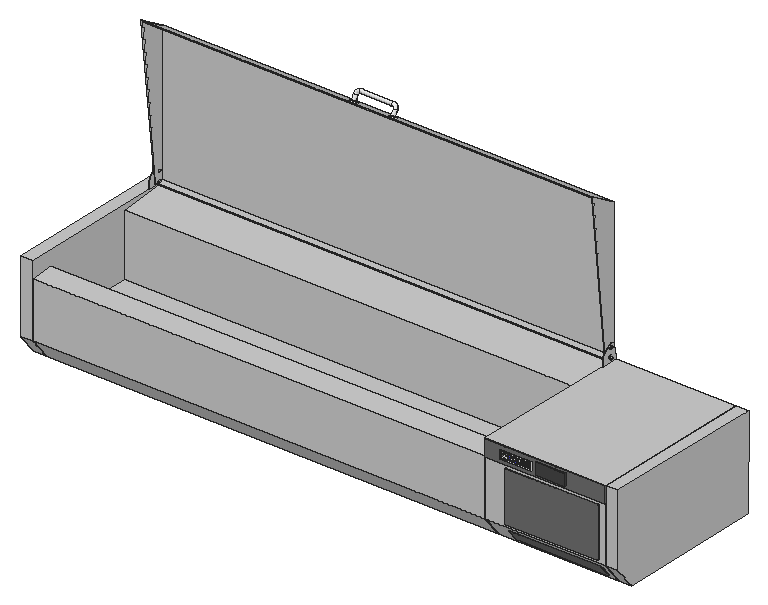
Revit family "Qf_Afinox_VRS1450K", category Specialty Equipment, Revit 2014
Parameters
  Show Logo [instance] = yes
  Show Clearance [instance] = yes
Reference planes
  plane 1 "Back": y = 0
  plane 2: z = 0
  plane 3 "Left": x = 0
  plane 4 "Right": x = 1450
  plane 5 "Front": y = -395
  plane 6 "Top": z = 225
Forms (mm)
  Extrusion 1, solid
    sketch origin (350, 0, 0) x (0, 1, 0) y (0, 0, 1)
      loop
        line (0, 225) -> (-118.091, 213.424) -> (-118.091, 63.424) -> (-342.706, 63.424) -> (-342.706, 191.405) -> (-395, 186.278) -> (-395, 50) -> (-354.511, 0) -> (0, 0) -> (0, 225)
    from -320 to 778
  Extrusion 2, solid
    sketch origin (0, 0, 0) x (0, 1, 0) y (0, 0, 1)
      loop
        line (0, 225) -> (-395, 225) -> (-395, 50) -> (-354.511, 0) -> (0, 0) -> (0, 225)
    from 0 to 30
  Extrusion 3, solid
    sketch origin (1420, 0, 0) x (0, 1, 0) y (0, 0, 1)
      loop
        line (0, 225) -> (-395, 225) -> (-395, 50) -> (-354.511, 0) -> (0, 0) -> (0, 225)
    from 0 to 30
  Extrusion 4, solid
    sketch origin (1390, 0, 0) x (0, 1, 0) y (0, 0, 1)
      loop
        line (0, 225) -> (-395, 225) -> (-395, 50) -> (-354.511, 0) -> (0, 0) -> (0, 225)
    from -262 to 30
  Extrusion 5, solid
    sketch origin (350, -394, -0.038) x (1, 0, 0) y (0, 0, 1)
      loop
        arc (829.65, 178.011) -> (827.352, 177.059) -> (826.4, 174.761) r 3.25
        line (826.4, 174.761) -> (826.4, 59.261)
        arc (826.4, 59.261) -> (827.352, 56.963) -> (829.65, 56.011) r 3.25
        line (829.65, 56.011) -> (1050.15, 56.011)
        arc (1050.15, 56.011) -> (1052.448, 56.963) -> (1053.4, 59.261) r 3.25
        line (1053.4, 59.261) -> (1053.4, 174.761)
        arc (1053.4, 174.761) -> (1052.448, 177.059) -> (1050.15, 178.011) r 3.25
        line (1050.15, 178.011) -> (829.65, 178.011)
    from 0 to 2
  Extrusion 6, solid
    sketch origin (350, -273.564, -98.372) x (1, 0, 0) y (0, -0.62932, 0.777146)
      loop
        arc (829.65, 178.011) -> (827.352, 177.059) -> (826.4, 174.761) r 3.25
        line (826.4, 174.761) -> (826.4, 141.843)
        arc (826.4, 141.843) -> (827.352, 139.544) -> (829.65, 138.593) r 3.25
        line (829.65, 138.593) -> (1050.15, 138.593)
        arc (1050.15, 138.593) -> (1052.448, 139.544) -> (1053.4, 141.843) r 3.25
        line (1053.4, 141.843) -> (1053.4, 174.761)
        arc (1053.4, 174.761) -> (1052.448, 177.059) -> (1050.15, 178.011) r 3.25
        line (1050.15, 178.011) -> (829.65, 178.011)
    from 0 to 2
  Extrusion 7, solid
    sketch origin (342.335, -397, -1.215) x (1, 0, 0) y (0, 0, 1)
      loop
        line (912.065, 221.354) -> (912.065, 192.354) -> (983.065, 192.354) -> (983.065, 221.354) -> (912.065, 221.354)
    from 0 to 3
  Extrusion 8, solid, visible <- "Show Logo"
    sketch origin (987.556, -397, -384.108) x (1, 0, 0) y (0, 0, 1)
      loop
        line (179.287, 599.596) -> (179.287, 579.899) -> (254.287, 579.899) -> (254.287, 599.596) -> (179.287, 599.596)
      loop
        line (199.226, 597.323) -> (199.226, 582.172) -> (253.014, 582.172) -> (253.014, 597.323) -> (199.226, 597.323)
      loop
        line (180.287, 597.323) -> (180.287, 582.172) -> (198.848, 582.172) -> (198.848, 597.323) -> (180.287, 597.323)
    from 0 to 2
  Extrusion 9, solid, visible <- "Show Logo"
    sketch origin (194.53, -397, -622.718) x (1, 0, 0) y (0, 0, 1)
      loop
        arc (994.034, 825.04) -> (994.842, 823.416) -> (996.479, 824.198) r 1.293
        line (996.479, 824.198) -> (996.958, 825.22) -> (1000.192, 825.22) -> (1000.6, 824.198)
        arc (1000.6, 824.198) -> (1002.252, 823.366) -> (1003.039, 825.04) r 1.291
        line (1003.039, 825.04) -> (999.801, 832.415)
        arc (999.801, 832.415) -> (998.57, 833.402) -> (997.337, 832.418) r 1.263
        line (997.337, 832.418) -> (994.034, 825.04)
      loop
        line (999.576, 827.427) -> (998.603, 829.738) -> (997.631, 827.445) -> (999.576, 827.427)
      loop
        line (1004.344, 832.421) -> (1004.344, 824.556)
        arc (1004.344, 824.556) -> (1005.631, 823.448) -> (1006.918, 824.556) r 1.302
        line (1006.918, 824.556) -> (1006.918, 827.178) -> (1010.126, 827.178)
        arc (1010.126, 827.178) -> (1011.3, 828.493) -> (1010.126, 829.808) r 1.323
        line (1010.126, 829.808) -> (1006.918, 829.808) -> (1006.918, 830.954) -> (1010.126, 830.954)
        arc (1010.126, 830.954) -> (1011.264, 832.233) -> (1010.126, 833.511) r 1.287
        line (1010.126, 833.511) -> (1005.326, 833.511)
        arc (1005.326, 833.511) -> (1004.652, 833.13) -> (1004.344, 832.421) r 1.22
      loop
        line (1012.593, 832.457) -> (1012.593, 824.488)
        arc (1012.593, 824.488) -> (1013.928, 823.343) -> (1015.262, 824.488) r 1.35
        line (1015.262, 824.488) -> (1015.262, 832.457)
        arc (1015.262, 832.457) -> (1013.928, 833.516) -> (1012.593, 832.457) r 1.37
      loop
        arc (1019.372, 832.457) -> (1018.038, 833.516) -> (1016.703, 832.457) r 1.37
        line (1016.703, 832.457) -> (1016.703, 824.488)
        arc (1016.703, 824.488) -> (1018.038, 823.343) -> (1019.372, 824.488) r 1.35
        line (1019.372, 824.488) -> (1019.372, 828.473) -> (1022.448, 824.488)
        arc (1022.448, 824.488) -> (1023.783, 823.343) -> (1025.118, 824.488) r 1.35
        line (1025.118, 824.488) -> (1025.118, 832.457)
        arc (1025.118, 832.457) -> (1023.783, 833.516) -> (1022.448, 832.457) r 1.37
        line (1022.448, 832.457) -> (1022.448, 828.473) -> (1019.372, 832.457)
      loop
        circle (1031.159, 828.429) r 5.095
      loop
        circle (1031.159, 828.429) r 2.733
      loop
        line (1036.425, 831.5) -> (1038.763, 828.375) -> (1036.365, 825.267)
        arc (1036.365, 825.267) -> (1036.712, 823.621) -> (1038.393, 823.703) r 1.296
        line (1038.393, 823.703) -> (1040.42, 826.313) -> (1042.28, 823.703)
        arc (1042.28, 823.703) -> (1043.993, 823.58) -> (1044.434, 825.238) r 1.346
        line (1044.434, 825.238) -> (1042.048, 828.408) -> (1044.37, 831.408)
        arc (1044.37, 831.408) -> (1044.07, 833.196) -> (1042.269, 832.987) r 1.316
        line (1042.269, 832.987) -> (1040.366, 830.453) -> (1038.502, 833.054)
        arc (1038.502, 833.054) -> (1036.78, 833.19) -> (1036.425, 831.5) r 1.308
      loop
        line (1046.04, 835.933) -> (992.253, 835.933) -> (992.253, 820.782) -> (1046.04, 820.782) -> (1046.04, 835.933)
    from 0 to 2
  Extrusion 10, solid, visible <- "Show Logo"
    sketch origin (187.402, -397, -442.664) x (1, 0, 0) y (0, 0, 1)
      loop
        line (980.441, 655.879) -> (980.441, 640.728) -> (999.001, 640.728) -> (999.001, 655.879) -> (980.441, 655.879)
      loop
        arc (982.146, 642.435) -> (982.404, 641.667) -> (983.211, 641.586) r 0.747
        line (983.211, 641.586) -> (989.781, 644.576) -> (996.334, 641.6)
        arc (996.334, 641.6) -> (997.088, 641.702) -> (997.296, 642.435) r 0.695
        line (997.296, 642.435) -> (990.231, 654.688)
        arc (990.231, 654.688) -> (989.721, 654.992) -> (989.211, 654.688) r 0.58
        line (989.211, 654.688) -> (982.146, 642.435)
    from 0 to 2
  Extrusion 11, solid, visible <- "Show Logo"
    sketch origin (153.114, -397, -392.26) x (1, 0, 0) y (0, 0, 1)
      loop
        arc (1016.435, 592.031) -> (1016.693, 591.262) -> (1017.5, 591.182) r 0.747
        line (1017.5, 591.182) -> (1024.07, 594.172) -> (1030.623, 591.195)
        arc (1030.623, 591.195) -> (1031.377, 591.298) -> (1031.584, 592.031) r 0.695
        line (1031.584, 592.031) -> (1024.52, 604.283)
        arc (1024.52, 604.283) -> (1024.01, 604.588) -> (1023.5, 604.283) r 0.58
        line (1023.5, 604.283) -> (1016.435, 592.031)
      loop
        arc (1035.45, 594.582) -> (1036.258, 592.958) -> (1037.895, 593.739) r 1.293
        line (1037.895, 593.739) -> (1038.374, 594.762) -> (1041.608, 594.762) -> (1042.016, 593.739)
        arc (1042.016, 593.739) -> (1043.668, 592.908) -> (1044.455, 594.582) r 1.291
        line (1044.455, 594.582) -> (1041.218, 601.957)
        arc (1041.218, 601.957) -> (1039.986, 602.943) -> (1038.753, 601.959) r 1.263
        line (1038.753, 601.959) -> (1035.45, 594.582)
      loop
        line (1040.992, 596.969) -> (1040.02, 599.279) -> (1039.047, 596.987) -> (1040.992, 596.969)
      loop
        arc (1045.76, 594.097) -> (1047.047, 592.99) -> (1048.334, 594.097) r 1.302
        line (1048.334, 594.097) -> (1048.334, 596.72) -> (1051.542, 596.72)
        arc (1051.542, 596.72) -> (1052.716, 598.035) -> (1051.542, 599.35) r 1.323
        line (1051.542, 599.35) -> (1048.334, 599.35) -> (1048.334, 600.496) -> (1051.542, 600.496)
        arc (1051.542, 600.496) -> (1052.681, 601.774) -> (1051.542, 603.052) r 1.287
        line (1051.542, 603.052) -> (1046.742, 603.052)
        arc (1046.742, 603.052) -> (1046.069, 602.672) -> (1045.76, 601.962) r 1.22
        line (1045.76, 601.962) -> (1045.76, 594.097)
      loop
        arc (1054.01, 594.029) -> (1055.344, 592.884) -> (1056.679, 594.029) r 1.35
        line (1056.679, 594.029) -> (1056.679, 601.999)
        arc (1056.679, 601.999) -> (1055.344, 603.058) -> (1054.01, 601.999) r 1.37
        line (1054.01, 601.999) -> (1054.01, 594.029)
      loop
        arc (1058.12, 594.029) -> (1059.454, 592.884) -> (1060.789, 594.029) r 1.35
        line (1060.789, 594.029) -> (1060.789, 598.014) -> (1063.865, 594.029)
        arc (1063.865, 594.029) -> (1065.199, 592.884) -> (1066.534, 594.029) r 1.35
        line (1066.534, 594.029) -> (1066.534, 601.999)
        arc (1066.534, 601.999) -> (1065.199, 603.058) -> (1063.865, 601.999) r 1.37
        line (1063.865, 601.999) -> (1063.865, 598.014) -> (1060.789, 601.999)
        arc (1060.789, 601.999) -> (1059.454, 603.058) -> (1058.12, 601.999) r 1.37
        line (1058.12, 601.999) -> (1058.12, 594.029)
      loop
        circle (1072.575, 597.971) r 5.095
      loop
        circle (1072.575, 597.971) r 2.733
      loop
        line (1080.18, 597.917) -> (1077.782, 594.809)
        arc (1077.782, 594.809) -> (1078.129, 593.163) -> (1079.809, 593.245) r 1.296
        line (1079.809, 593.245) -> (1081.836, 595.854) -> (1083.697, 593.245)
        arc (1083.697, 593.245) -> (1085.409, 593.121) -> (1085.851, 594.78) r 1.346
        line (1085.851, 594.78) -> (1083.464, 597.949) -> (1085.787, 600.95)
        arc (1085.787, 600.95) -> (1085.486, 602.737) -> (1083.686, 602.528) r 1.316
        line (1083.686, 602.528) -> (1081.782, 599.994) -> (1079.918, 602.596)
        arc (1079.918, 602.596) -> (1078.197, 602.731) -> (1077.841, 601.041) r 1.308
        line (1077.841, 601.041) -> (1080.18, 597.917)
    from 0 to 2
  Extrusion 12, solid
    sketch origin (215.935, -395, 3.646) x (1, 0, 0) y (0, 0, 1)
      loop
        line (912.065, 221.354) -> (912.065, 182.633) -> (1204.065, 182.633) -> (1204.065, 221.354) -> (912.065, 221.354)
    from 0 to 2
  Extrusion 13, solid
    sketch origin (350, -6.8, 0) x (1, 0, 0) y (0, 0, 1)
      loop
        circle (1050, 20) r 5
    from -17.6 to -6.8
  Extrusion 14, solid
    sketch origin (350, 0, 0) x (1, 0, 0) y (0, 0, 1)
      loop
        line (-320, 13) -> (1070, 13) -> (1070, 186) -> (-320, 186) -> (-320, 13)
      loop
        circle (1050, 20) r 5
    from -10.8 to 0
  Extrusion 15, solid
    sketch origin (350, 0, 0) x (0, 1, 0) y (0, 0, 1)
      loop
        line (-4.839, 566.059) -> (-5.711, 567.602) -> (-67.897, 604.966) -> (-67.483, 601.218) -> (-7.839, 565.38) -> (-7.839, 234.059) -> (-26.661, 234.059) -> (-26.661, 231.059) -> (-4.839, 231.059) -> (-4.839, 566.059)
    from -315.5 to 773.5
  Extrusion 16, solid
    sketch origin (31.5, 0, 0) x (0, 1, 0) y (0, 0, 1)
      loop
        line (-26.661, 231.059) -> (-4.839, 231.059) -> (-4.839, 566.059) -> (-5.711, 567.602) -> (-67.897, 604.966) -> (-26.661, 231.059)
    from 0 to 3
  Extrusion 17, solid
    sketch origin (1123.5, 0, 0) x (0, 1, 0) y (0, 0, 1)
      loop
        line (-26.661, 231.059) -> (-4.839, 231.059) -> (-4.839, 566.059) -> (-5.711, 567.602) -> (-67.897, 604.966) -> (-26.661, 231.059)
    from 0 to 3
  Extrusion 18, solid
    sketch origin (27.5, 0, 0) x (0, 1, 0) y (0, 0, 1)
      loop
        line (-1.6, 229.5) -> (-9.4, 262.31)
        arc (-9.4, 262.31) -> (-13.213, 264.976) -> (-16.305, 261.5) r 3.5
        line (-16.305, 261.5) -> (-16.305, 258.7)
        arc (-16.305, 258.7) -> (-19.222, 255.38) -> (-22.819, 257.948) r 3.295
        arc (-22.819, 257.948) -> (-23.057, 258.376) -> (-23.545, 258.419) r 0.522
        arc (-23.545, 258.419) -> (-35.086, 251.292) -> (-39.6, 238.5) r 20.384
        line (-39.6, 238.5) -> (-39.6, 225) -> (-1.6, 225) -> (-1.6, 229.5)
      loop
        line (-16.414, 236.961) -> (-18.9, 242.422)
        arc (-18.9, 242.422) -> (-23.535, 244.158) -> (-25.271, 239.523) r 3.5
        line (-25.271, 239.523) -> (-22.786, 234.062)
        arc (-22.786, 234.062) -> (-18.15, 232.326) -> (-16.414, 236.961) r 3.5
    from 0 to 2.5
  Revolve 19, solid
    sketch origin (0, -19.388, 0) x (1, 0, 0) y (0, 0, 1)
      loop
        line (23.5, 258.511) -> (37.5, 258.511) -> (37.5, 261.033) -> (32.5, 261.033) -> (31.5, 261.5) -> (24.493, 261.5) -> (23.5, 260.507) -> (23.5, 258.511)
      axis (23.5, 258.511) -> (37.5, 258.511)
    angle from 0 to 360
  Revolve 20, solid
    sketch origin (0, -19.388, -23) x (1, 0, 0) y (0, 0, 1)
      loop
        line (23.5, 258.511) -> (37.5, 258.511) -> (37.5, 261.033) -> (32.5, 261.033) -> (31.5, 261.5) -> (24.493, 261.5) -> (23.5, 260.507) -> (23.5, 258.511)
      axis (23.5, 258.511) -> (37.5, 258.511)
    angle from 0 to 360
  Extrusion 21, solid
    sketch origin (1130.5, 0, 0) x (0, 1, 0) y (0, 0, -1)
      loop
        line (-1.6, -229.5) -> (-1.6, -225) -> (-39.6, -225) -> (-39.6, -238.5)
        arc (-39.6, -238.5) -> (-35.086, -251.292) -> (-23.545, -258.419) r 20.384
        arc (-23.545, -258.419) -> (-23.057, -258.376) -> (-22.819, -257.948) r 0.522
        arc (-22.819, -257.948) -> (-19.222, -255.38) -> (-16.305, -258.7) r 3.295
        line (-16.305, -258.7) -> (-16.305, -261.5)
        arc (-16.305, -261.5) -> (-13.213, -264.976) -> (-9.4, -262.31) r 3.5
        line (-9.4, -262.31) -> (-1.6, -229.5)
      loop
        arc (-16.414, -236.961) -> (-18.15, -232.326) -> (-22.786, -234.062) r 3.5
        line (-22.786, -234.062) -> (-25.271, -239.523)
        arc (-25.271, -239.523) -> (-23.535, -244.158) -> (-18.9, -242.422) r 3.5
        line (-18.9, -242.422) -> (-16.414, -236.961)
    from 0 to 2.5
  Revolve 22, solid
    sketch origin (1158, -19.388, 0) x (-1, 0, 0) y (0, 0, -1)
      loop
        line (23.5, -258.511) -> (23.5, -260.507) -> (24.493, -261.5) -> (31.5, -261.5) -> (32.5, -261.033) -> (37.5, -261.033) -> (37.5, -258.511) -> (23.5, -258.511)
      axis (23.5, -258.511) -> (37.5, -258.511)
    angle from 0 to 360
  Revolve 23, solid
    sketch origin (1158, -19.388, -23) x (-1, 0, 0) y (0, 0, -1)
      loop
        line (23.5, -258.511) -> (23.5, -260.507) -> (24.493, -261.5) -> (31.5, -261.5) -> (32.5, -261.033) -> (37.5, -261.033) -> (37.5, -258.511) -> (23.5, -258.511)
      axis (23.5, -258.511) -> (37.5, -258.511)
    angle from 0 to 360
  Sweep 24, solid
    path origin (175.499, -355.476, 85.218) x (1, 0, 0) y (0, 0.515038, 0.857167)
      loop
        line (356.001, 596.626) -> (356.001, 610.769)
        arc (356.001, 610.769) -> (358.302, 616.325) -> (363.858, 618.626) r 7.857
        line (363.858, 618.626) -> (443.144, 618.626)
        arc (443.144, 618.626) -> (448.7, 616.325) -> (451.001, 610.769) r 7.857
        line (451.001, 610.769) -> (451.001, 596.626)
    profile origin (531.5, -44.549, 602.688) x (-1, 0, 0) y (0, -0.857167, 0.515038)
      loop
        circle (0, 0) r 4
  Revolve 25, solid
    sketch origin (531.467, 0, 0) x (0, 1, 0) y (0, 0, 1)
      loop
        line (-48.191, 596.626) -> (-51.796, 598.792)
        arc (-51.796, 598.792) -> (-53.02, 598.984) -> (-54.032, 598.269) r 1.648
        line (-54.032, 598.269) -> (-54.747, 598.698)
        arc (-54.747, 598.698) -> (-55.805, 598.856) -> (-56.664, 598.217) r 1.396
        line (-56.664, 598.217) -> (-49.736, 594.055) -> (-48.191, 596.626)
      axis (-48.191, 596.626) -> (-49.736, 594.055)
    angle from 0 to 360
  Revolve 26, solid
    sketch origin (626.467, 0, 0) x (0, 1, 0) y (0, 0, 1)
      loop
        line (-48.191, 596.626) -> (-51.796, 598.792)
        arc (-51.796, 598.792) -> (-53.02, 598.984) -> (-54.032, 598.269) r 1.648
        line (-54.032, 598.269) -> (-54.747, 598.698)
        arc (-54.747, 598.698) -> (-55.805, 598.856) -> (-56.664, 598.217) r 1.396
        line (-56.664, 598.217) -> (-49.736, 594.055) -> (-48.191, 596.626)
      axis (-48.191, 596.626) -> (-49.736, 594.055)
    angle from 0 to 360
Lines and regions (mm)
  symbolic lines, style "200-EquipBorder-2D"
    curve 1: line (0, 0, 0) -> (1450, 0, 0)
    curve 2: line (0, -395, 0) -> (0, 0, 0)
    curve 3: line (1450, -395, 0) -> (0, -395, 0)
    curve 4: line (1450, 0, 0) -> (1450, -395, 0)
    curve 10: line (30, 0, 0) -> (30, 10.8, 0)
    curve 11: line (30, 10.8, 0) -> (1420, 10.8, 0)
    curve 12: line (1420, 10.8, 0) -> (1420, 0, 0)
  symbolic lines, style "200-EquipInternal-2D"
    curve 5: line (30, -22.377, 0) -> (30, -395, 0)
    curve 6: line (1128, -22.377, 0) -> (1128, -395, 0)
    curve 7: line (1420, 0, 0) -> (1420, -395, 0)
    curve 8: line (1128, -342.706, 0) -> (30, -342.706, 0)
    curve 9: line (30, -118.091, 0) -> (1128, -118.091, 0)
    curve 13: line (31.5, -4.839, 0) -> (1126.5, -4.839, 0)
    curve 14: line (31.5, -67.897, 0) -> (31.5, -4.839, 0)
    curve 15: line (1126.5, -67.897, 0) -> (31.5, -67.897, 0)
    curve 16: line (1126.5, -4.839, 0) -> (1126.5, -67.897, 0)
    curve 17: line (1134.5, -17.393, 0) -> (1134.5, -21.384, 0)
    curve 18: line (1134.5, -21.384, 0) -> (1133.507, -22.377, 0)
    curve 19: line (1133.507, -22.377, 0) -> (1126.5, -22.377, 0)
    curve 20: line (1133.507, -16.4, 0) -> (1126.5, -16.4, 0)
    curve 21: line (1133.507, -16.4, 0) -> (1134.5, -17.393, 0)
    curve 22: line (1128, 0, 0) -> (1128, -16.4, 0)
    curve 23: line (1128, -1.6, 0) -> (1130.5, -1.6, 0)
    curve 24: line (1130.5, -1.6, 0) -> (1130.5, -16.4, 0)
    curve 25: line (1130.5, -22.377, 0) -> (1130.5, -39.6, 0)
    curve 26: line (1130.5, -39.6, 0) -> (1128, -39.6, 0)
    curve 27: line (31.5, -16.414, 0) -> (24.493, -16.414, 0)
    curve 28: line (24.493, -16.414, 0) -> (23.5, -17.407, 0)
    curve 29: line (23.5, -17.407, 0) -> (23.5, -21.384, 0)
    curve 30: line (23.5, -21.384, 0) -> (24.493, -22.377, 0)
    curve 31: line (24.493, -22.377, 0) -> (31.5, -22.377, 0)
    curve 32: line (30, -1.6, 0) -> (27.5, -1.6, 0)
    curve 33: line (27.5, -1.6, 0) -> (27.5, -16.414, 0)
    curve 34: line (27.5, -22.377, 0) -> (27.5, -39.6, 0)
    curve 35: line (27.5, -39.6, 0) -> (30, -39.6, 0)
    curve 36: spline (527.322, -43.789, 0) -> (524.783, -45.842, 0) -> (523.491, -48.62, 0) -> (523.685, -51.607, 0) -> (525.33, -54.244, 0) -> (528.12, -56.042, 0) -> (531.533, -56.664, 0) -> (534.934, -55.995, 0) -> (537.689, -54.159, 0) -> (539.284, -51.498, 0) -> (539.422, -48.51, 0) -> (538.077, -45.749, 0) -> (535.5, -43.733, 0)
    curve 37: spline (622.5, -43.701, 0) -> (619.891, -45.709, 0) -> (618.52, -48.475, 0) -> (618.645, -51.479, 0) -> (620.242, -54.154, 0) -> (623.01, -55.999, 0) -> (626.43, -56.664, 0) -> (629.856, -56.026, 0) -> (632.645, -54.204, 0) -> (634.27, -51.541, 0) -> (634.428, -48.539, 0) -> (633.087, -45.762, 0) -> (630.5, -43.733, 0)
    curve 38: spline (535.5, -48.191, 0) -> (535.364, -49.079, 0) -> (534.964, -49.906, 0) -> (534.328, -50.616, 0) -> (533.5, -51.161, 0) -> (532.535, -51.503, 0) -> (531.5, -51.62, 0) -> (530.465, -51.503, 0) -> (529.5, -51.161, 0) -> (528.672, -50.616, 0) -> (528.036, -49.906, 0) -> (527.636, -49.079, 0) -> (527.5, -48.191, 0)
    curve 39: spline (630.5, -48.191, 0) -> (630.364, -49.079, 0) -> (629.964, -49.906, 0) -> (629.328, -50.616, 0) -> (628.5, -51.161, 0) -> (627.535, -51.503, 0) -> (626.5, -51.62, 0) -> (625.465, -51.503, 0) -> (624.5, -51.161, 0) -> (623.672, -50.616, 0) -> (623.036, -49.906, 0) -> (622.636, -49.079, 0) -> (622.5, -48.191, 0)
    curve 40: line (527.5, -48.191, 0) -> (527.5, -40.849, 0)
    curve 41: line (535.5, -48.191, 0) -> (535.5, -41.684, 0)
    curve 42: line (622.5, -48.191, 0) -> (622.5, -41.628, 0)
    curve 43: line (630.5, -48.191, 0) -> (630.5, -40.849, 0)
    curve 44: line (539.274, -40.849, 0) -> (618.972, -40.849, 0)
    curve 45: line (539.274, -32.842, 0) -> (618.726, -32.842, 0)
    curve 46: spline (539.274, -32.842, 0) -> (537.737, -32.911, 0) -> (536.226, -33.115, 0) -> (534.768, -33.452, 0) -> (533.387, -33.915, 0) -> (532.106, -34.497, 0) -> (530.948, -35.187, 0) -> (529.933, -35.975, 0) -> (529.077, -36.846, 0) -> (528.396, -37.785, 0) -> (527.901, -38.777, 0) -> (527.601, -39.804, 0) -> (527.5, -40.849, 0)
    curve 47: spline (618.726, -32.842, 0) -> (620.263, -32.911, 0) -> (621.774, -33.115, 0) -> (623.232, -33.452, 0) -> (624.613, -33.915, 0) -> (625.894, -34.497, 0) -> (627.052, -35.187, 0) -> (628.067, -35.975, 0) -> (628.923, -36.846, 0) -> (629.604, -37.785, 0) -> (630.099, -38.777, 0) -> (630.399, -39.804, 0) -> (630.5, -40.849, 0)
    curve 48: arc (622.5, -41.628, 0) -> (620.779, -41.046, 0) -> (618.972, -40.849, 0) r 8.377
    curve 49: arc (535.5, -41.684, 0) -> (537.341, -41.061, 0) -> (539.274, -40.849, 0) r 8.945
    curve 50: line (30, 0, 0) -> (30, -16.414, 0)
Dimensions and locks
  plane 3 "Left" to plane 4 "Right" = 1450 mm
  plane 5 "Front" to plane 1 "Back" = 395 mm
  plane 6 "Top" to level = 225 mm
  aligned and locked: level to plane 2
  aligned and locked: Extrusion 14 to Extrusion 1
  aligned and locked: Extrusion 14 to Extrusion 2
Connectors
  electrical at (1400, 10.8, 20)
    settings: on Extrusion 13, index 1, voltage 0 V, apparent load 0 VA, apparent load phase1 0 VA, apparent load phase2 0 VA, apparent load phase3 0 VA, power factor 1, load classification "Other", number of poles 1, system type 31, power factor state 1, is connector primary yes, connector utility no, sub classification motor no, connector description "Electrical connection"
